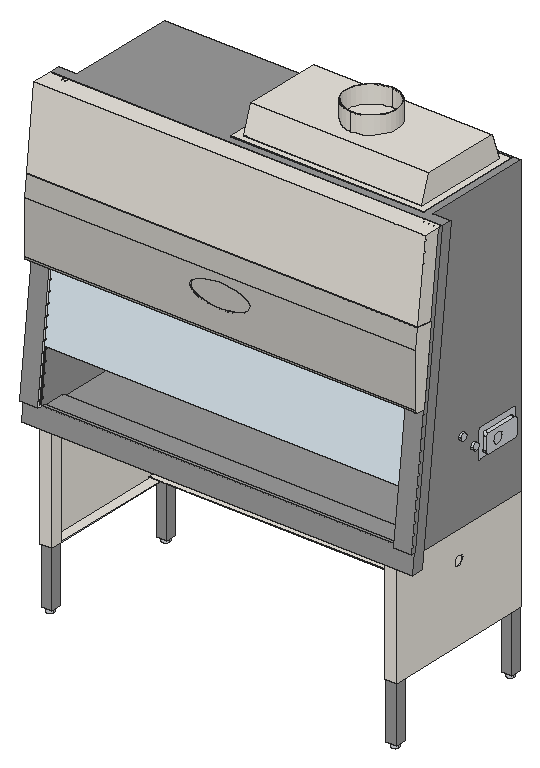
Revit family "NU-545_230V Class II Type A2 BSC", category Mechanical Equipment, Revit 2018
Family settings
  Round Connector Dimension = Use Diameter
  Part Type = Normal
  OmniClass Number = 23.75.00.00
  OmniClass Title = Climate Control (HVAC)
  Work Plane-Based = No
  Always vertical = Yes
  Cut with Voids When Loaded = No
  Shared = No
  Room Calculation Point = No
Parameters (values of type "NU-545-600(E)")
  window width = 5' - 11 7/8"
  transition width = 2' - 11 3/8"
  transition depth = 1' - 7 1/8"
  exhaust ring inner = 0' - 4 15/16"
  exhaust door width = 2' - 7 3/16"
  crossbar = 5' - 10.1415"
  Workzone Width = 5' - 10 3/8"
  Overall Width = 6' - 5 9/16"
  Model = "NU-545-600(E)"
  Manufacturer = "NuAire Inc."
  Exhaust Filter Width = 2' - 10 1/2"
  Exhaust Diameter = 0' - 10"
  Exhaust Center = 2' - 0"
  Description = "230V Class II, Type A2 Biological Safety Cabinet"
  Cabinet Width = 5' - 10 9/16"
  Cabinet Height = 4' - 10 7/8"
  Cabinet Depth = 2' - 7 3/64"
Types (5): name | window width | transition width | exhaust ring inner | exhaust door width | crossbar | Workzone Width | Overall Width | Model | Exhaust Filter Width | Exhaust Diameter | Exhaust Center | Cabinet Width | Cabinet Depth
  (no name) | 5' - 11 7/8" | 2' - 11 3/8" | 0' - 4 15/16" | 2' - 7 3/16" | 5' - 10.1415" | 5' - 10 3/8" | 6' - 5 9/16" | "NU-545-600(E)" | 2' - 10 1/2" | 0' - 10" | 2' - 0" | 5' - 10 9/16" | 2' - 7 3/64"
  NU-545-600(E) | 5' - 11 7/8" | 2' - 11 3/8" | 0' - 4 15/16" | 2' - 7 3/16" | 5' - 10.1415" | 5' - 10 3/8" | 6' - 5 9/16" | "NU-545-600(E)" | 2' - 10 1/2" | 0' - 10" | 2' - 0" | 5' - 10 9/16" | 2' - 7 3/64"
  NU-545-500(E) | 4' - 11 7/8" | 2' - 5 3/8" | 0' - 4 15/16" | 2' - 7 3/16" | 4' - 10 9/64" | 4' - 10 3/8" | 5' - 5 9/16" | "NU-545-500(E)" | 2' - 4 1/2" | 0' - 10" | 1' - 9" | 4' - 10 9/16" | 2' - 6"
  NU-545-400(E) | 3' - 11 3/8" | 1' - 9 3/8" | 0' - 4 15/16" | 1' - 7 3/16" | 3' - 10 9/64" | 3' - 10 3/8" | 4' - 5 9/16" | "NU-545-400(E)" | 1' - 8 1/2" | 0' - 10" | 1' - 5" | 3' - 10 9/16" | 2' - 7 7/16"
  NU-545-300(E) | 2' - 11 7/8" | 1' - 1 3/8" | 0' - 3 15/16" | 1' - 1 3/16" | 2' - 10 9/64" | 2' - 10 3/8" | 3' - 5 9/16" | "NU-545-300(E)" | 1' - 0 1/2" | 0' - 8" | 1' - 1" | 2' - 10 9/16" | 2' - 6"
Reference planes (in)
  plane 1 "Center (Front/Back)": y = 0
  plane 2: z = 0
  plane 3 "Center (Left/Right)": x = 0
  plane 4: x = -35.28125
  plane 5: x = 35.28125
  plane 6: y = -31.04688
  plane 7 "Cabinet Base": z = 32.5
  plane 8 "Cabinet Top": z = 91.375
  plane 9: x = -38.78125
  plane 10: x = 38.78125
  plane 11: z = 12
  plane 12: z = 36.5
  plane 13: z = 89.703
  plane 14: z = 0.75
  plane 15: z = 12.074
  plane 16: z = 12.25
  plane 17: z = 22.21875
  plane 18: x = -35.07075
  plane 19: x = 35.07075
  plane 20: x = -35.9375
  plane 21: x = 35.9375
  plane 22: z = 68.23219
  plane 23: x = 36.3125
  plane 24: x = 35.34375
  plane 25: z = 99.875
Forms (in)
  Extrusion 1, solid
    sketch origin (0, 0, 0) x (0, 1, 0) y (0, 0, 1)
      loop
        line (0, 32.5) -> (0, 91.375) -> (-23.81793, 91.375) -> (-31.04688, 32.5) -> (0, 32.5)
    from -38.78125 to 38.78125
  Extrusion 2, void
    sketch origin (0, 0, 0) x (0, 1, 0) y (0, 0, 1)
      loop
        line (-21.67698, 91.375) -> (-28.90592, 32.5) -> (0, 32.5) -> (0, 91.375) -> (-21.67698, 91.375)
    from -38.78125 to -35.28125
  Extrusion 3, void
    sketch origin (0, 0, 0) x (0, 1, 0) y (0, 0, 1)
      loop
        line (-21.67698, 91.375) -> (-28.90592, 32.5) -> (0, 32.5) -> (0, 91.375) -> (-21.67698, 91.375)
    from 35.28125 to 38.78125
  Extrusion 4, void
    sketch origin (0, 0, 0) x (0, 1, 0) y (0, 0, 1)
      loop
        line (-30.55574, 36.5) -> (-29.93074, 36.5) -> (-29.93074, 36.1875) -> (-25.30574, 36.1875) -> (-25.30574, 35.6875) -> (-4.18074, 35.6875) -> (-4.18074, 63.9375) -> (-27.18684, 63.9375) -> (-30.55574, 36.5)
    from -35.1875 to 35.1875
  Extrusion 5, void
    sketch origin (0, 0, 91.375) x (1, 0, 0) y (0, -1, 0)
      loop
        line (31.98425, 2.047) -> (31.98425, 20.547) -> (-2.51575, 20.547) -> (-2.51575, 2.047) -> (31.98425, 2.047)
    from 0 to 1.672
  Extrusion 6, solid
    sketch origin (0, -31.04688, 32.5) x (1, 0, 0) y (0, -1, 0)
      loop
        line (35.28125, -31.04687) -> (35.28125, -0.29687) -> (32.96225, -0.29687) -> (32.96225, -2.54287) -> (35.13325, -2.54287) -> (35.13325, -28.80087) -> (32.96225, -28.80087) -> (32.96225, -31.04687) -> (35.28125, -31.04687)
      loop
        line (-35.28125, -31.04687) -> (-32.96225, -31.04687) -> (-32.96225, -28.80087) -> (-35.13325, -28.80087) -> (-35.13325, -2.54287) -> (-32.96225, -2.54287) -> (-32.96225, -0.29687) -> (-35.28125, -0.29687) -> (-35.28125, -31.04687)
    from 0 to 20.5
  Extrusion 7, solid
    sketch origin (0, -31.04688, 12) x (0, 1, 0) y (1, 0, 0)
      loop
        line (0.42187, -35.15625) -> (2.42187, -35.15625) -> (2.42187, -33.15625) -> (0.42187, -33.15625) -> (0.42187, -35.15625)
      loop
        line (0.42362, 35.15625) -> (0.42362, 33.15625) -> (2.42362, 33.15625) -> (2.42362, 35.15625) -> (0.42362, 35.15625)
      loop
        line (30.92187, 35.15625) -> (28.92187, 35.15625) -> (28.92187, 33.15625) -> (30.92187, 33.15625) -> (30.92187, 35.15625)
      loop
        line (28.92187, -35.15625) -> (30.92187, -35.15625) -> (30.92187, -33.15625) -> (28.92187, -33.15625) -> (28.92187, -35.15625)
    from 0 to 11.25
  Extrusion 8, solid
    sketch origin (0, -31.04688, 0.75) x (-1, 0, 0) y (0, 1, 0)
      loop
        circle (34.15625, 1.40689) r 0.75
      loop
        circle (-34.15625, 1.42362) r 0.75
      loop
        circle (-34.15625, 29.92187) r 0.75
      loop
        circle (34.15625, 29.92187) r 0.75
    from 0 to 0.75
  Extrusion 9, void
    sketch origin (0, 0, 0) x (0, 1, 0) y (0, 0, 1)
      loop
        circle (-15.375, 27) r 1
    from -35.28125 to 35.28125
  Extrusion 10, solid
    sketch origin (0, -31.04688, 12) x (0, 1, 0) y (1, 0, 0)
      loop
        line (2.54287, 35.13325) -> (2.54287, 32.96225) -> (28.80087, 32.96225) -> (28.80087, 35.13325) -> (2.54287, 35.13325)
      loop
        line (28.80087, -32.96225) -> (2.54287, -32.96225) -> (2.54287, -35.13325) -> (28.80087, -35.13325) -> (28.80087, -32.96225)
    from 0 to -0.074
  Extrusion 11, solid
    sketch origin (0, 0, 0) x (0, 1, 0) y (0, 0, 1)
      loop
        line (-4.246, 22.21875) -> (-4.246, 22.09375) -> (-2.3085, 22.09375) -> (-2.3085, 12.375) -> (-4.246, 12.375) -> (-4.246, 12.25) -> (-2.246, 12.25) -> (-2.246, 22.21875) -> (-4.246, 22.21875)
    from -35.07075 to 35.07075
  Extrusion 12, solid
    sketch origin (0, 0, 0) x (0, 1, 0) y (0, 0, 1)
      loop
        line (-30.58388, 36.27075) -> (-23.81793, 91.375) -> (-24.63905, 91.375) -> (-31.39281, 36.37008) -> (-30.58388, 36.27075)
    from 35.28125 to 38.78125
  Extrusion 13, solid
    sketch origin (-38.78125, 0, 0) x (0, -1, 0) y (0, 0, 1)
      loop
        line (23.81793, 91.375) -> (30.58388, 36.27075) -> (31.39281, 36.37008) -> (24.63905, 91.375) -> (23.81793, 91.375)
    from 0 to -3.5
  Extrusion 14, void
    sketch origin (0, 0.01127, -0.00138) x (0, 1, 0) y (0, 0, 1)
      loop
        line (-30.67749, 36.53412) -> (-23.9437, 91.37638) -> (-24.37407, 91.37638) -> (-31.10146, 36.58618) -> (-30.67749, 36.53412)
    from -35.9375 to 35.9375
  Extrusion 15, solid
    sketch origin (0, 0, 0) x (0, 1, 0) y (0, 0, 1)
      loop
        line (-29.44752, 46.4582) -> (-25.89029, 75.3651) -> (-26.07639, 75.388) -> (-29.63362, 46.48105) -> (-29.44752, 46.4582)
    from -35.9375 to 35.9375
  Extrusion 16, solid
    sketch origin (0, 0, 0) x (0, 1, 0) y (0, 0, 1)
      loop
        line (-24.63905, 91.375) -> (-23.81793, 91.375) -> (-23.81793, 91.4375) -> (-27.90579, 91.4375) -> (-29.79189, 76.07644) -> (-26.56611, 75.68036) -> (-24.63905, 91.375)
      loop
        line (-26.58135, 75.5563) -> (-29.80712, 75.95237) -> (-30.2946, 71.98219) -> (-30.2946, 61.39724)
        arc (-30.2946, 61.39724) -> (-30.15339, 61.02451) -> (-29.80065, 60.83893) r 0.5625
        line (-29.80065, 60.83893) -> (-28.40939, 60.6681) -> (-26.58135, 75.5563)
    from -38.78125 to 38.78125
  Extrusion 17, void
    sketch origin (0, -30.2946, 71.98219) x (0, 0, 1) y (1, 0, 0)
      loop
        spline (-3.71919, -5.96875) -> (-3.10786, -5.76537) -> (-2.53819, -5.16909) -> (-2.049, -4.22054) -> (-1.67363, -2.98438) -> (-1.43767, -1.54483) -> (-1.35719, 0) -> (-1.43767, 1.54483) -> (-1.67363, 2.98437) -> (-2.049, 4.22054) -> (-2.53819, 5.16909) -> (-3.10786, 5.76537) -> (-3.71919, 5.96875)
        spline (-3.71919, 5.96875) -> (-4.33052, 5.76537) -> (-4.90019, 5.16909) -> (-5.38937, 4.22054) -> (-5.76474, 2.98437) -> (-6.0007, 1.54483) -> (-6.08119, 0) -> (-6.0007, -1.54483) -> (-5.76474, -2.98438) -> (-5.38937, -4.22054) -> (-4.90019, -5.16909) -> (-4.33052, -5.76537) -> (-3.71919, -5.96875)
    from 0 to 0.07687
  Extrusion 18, void
    sketch origin (0, 0, 0) x (0, 1, 0) y (0, 0, 1)
      loop
        circle (-11.846, 45.958) r 0.5
      loop
        circle (-14.842, 48.958) r 0.5
    from -35.28125 to 35.28125
  Extrusion 19, solid
    sketch origin (-0.214, 0, 0) x (0, 1, 0) y (0, 0, 1)
      loop
        arc (-10.1875, 48.25) -> (-10.36428, 48.17678) -> (-10.4375, 48) r 0.25
        line (-10.4375, 48) -> (-10.4375, 43)
        arc (-10.4375, 43) -> (-10.36428, 42.82322) -> (-10.1875, 42.75) r 0.25
        line (-10.1875, 42.75) -> (-1.6875, 42.75)
        arc (-1.6875, 42.75) -> (-1.51072, 42.82322) -> (-1.4375, 43) r 0.25
        line (-1.4375, 43) -> (-1.4375, 48)
        arc (-1.4375, 48) -> (-1.51072, 48.17678) -> (-1.6875, 48.25) r 0.25
        line (-1.6875, 48.25) -> (-10.1875, 48.25)
      loop
        arc (-9.0625, 47.375) -> (-9.41605, 47.22855) -> (-9.5625, 46.875) r 0.5
        line (-9.5625, 46.875) -> (-9.5625, 44.125)
        arc (-9.5625, 44.125) -> (-9.41605, 43.77145) -> (-9.0625, 43.625) r 0.5
        line (-9.0625, 43.625) -> (-2.8125, 43.625)
        arc (-2.8125, 43.625) -> (-2.45895, 43.77145) -> (-2.3125, 44.125) r 0.5
        line (-2.3125, 44.125) -> (-2.3125, 46.875)
        arc (-2.3125, 46.875) -> (-2.45895, 47.22855) -> (-2.8125, 47.375) r 0.5
        line (-2.8125, 47.375) -> (-9.0625, 47.375)
    from 35.49525 to 35.55775
  Extrusion 20, solid
    sketch origin (35.28125, 0, 0) x (0, 1, 0) y (0, 0, 1)
      loop
        arc (-9.0625, 47.375) -> (-9.41605, 47.22855) -> (-9.5625, 46.875) r 0.5
        line (-9.5625, 46.875) -> (-9.5625, 44.125)
        arc (-9.5625, 44.125) -> (-9.41605, 43.77145) -> (-9.0625, 43.625) r 0.5
        line (-9.0625, 43.625) -> (-2.8125, 43.625)
        arc (-2.8125, 43.625) -> (-2.45895, 43.77145) -> (-2.3125, 44.125) r 0.5
        line (-2.3125, 44.125) -> (-2.3125, 46.875)
        arc (-2.3125, 46.875) -> (-2.45895, 47.22855) -> (-2.8125, 47.375) r 0.5
        line (-2.8125, 47.375) -> (-9.0625, 47.375)
    from 0 to 1.03125
  Extrusion 21, void
    sketch origin (0, 0, 0) x (0, 1, 0) y (0, 0, 1)
      loop
        circle (-6.9375, 45.5) r 1.12448
    from 36.20767 to 36.3125
  Extrusion 22, solid
    sketch origin (1.48425, -3.8441, 96.375) x (0, -1, 0) y (1, 0, 0)
      loop
        circle (7.4684, 13.297) r 5
      loop
        circle (7.4684, 13.297) r 4.9375
    from 0 to 3.5
  Extrusion 23, solid
    sketch origin (0, 0, 91.375) x (0, -1, 0) y (1, 0, 0)
      loop
        line (1.7345, -2.95325) -> (20.8595, -2.95325) -> (20.8595, 32.42175) -> (1.7345, 32.42175) -> (1.7345, -2.95325)
      loop
        line (0.3595, -4.32825) -> (22.2345, -4.32825) -> (22.2345, 33.79675) -> (0.3595, 33.79675) -> (0.3595, -4.32825)
    from 0 to 0.0625
  Extrusion 24, solid
    sketch origin (0, 0, 0) x (0, 1, 0) y (0, 0, 1)
      loop
        line (-20.8595, 91.375) -> (-1.7345, 91.375) -> (-1.7345, 91.4375) -> (-3.5316, 96.375) -> (-19.0624, 96.375) -> (-20.8595, 91.4375) -> (-20.8595, 91.375)
    from -2.95325 to 32.42175
  Extrusion 25, solid
    sketch origin (0, -21.67698, 91.375) x (0, -0.121869, -0.992546) y (-1, 0, 0)
      loop
        circle (57.52663, 36.96723) r 0.5
    from 0 to 0.0987
  Extrusion 26, solid
    sketch origin (0, 0, 0) x (0, 1, 0) y (0, 0, 1)
      loop
        circle (-11.846, 45.958) r 0.625
      loop
        circle (-14.846, 48.954) r 0.625
    from 35.28125 to 35.9375
  Extrusion 27, solid
    sketch origin (-35.28125, 0, 0) x (0, -1, 0) y (0, 0, 1)
      loop
        circle (14.84766, 48.954) r 0.625
      loop
        circle (11.846, 45.95312) r 0.625
    from 0 to 0.65625
Cuts and joins
  Extrusion 2, Extrusion 3, Extrusion 4, Extrusion 5, Extrusion 17, Extrusion 18 cuts Extrusion 1
  Extrusion 9 cuts Extrusion 6
  Extrusion 14, Extrusion 18 cuts Extrusion 13
  Extrusion 14 cuts Extrusion 12
  Extrusion 17 cuts Extrusion 15
  Extrusion 17 cuts Extrusion 16
  Extrusion 21 cuts Extrusion 20
  joined: Extrusion 19, Extrusion 20
Dimensions and locks (in)
  equal spacing: plane 4, plane 3 "Center (Left/Right)", plane 5
  "Cabinet Width": plane 4 to plane 5
  "Cabinet Depth": plane 1 "Center (Front/Back)" to plane 6
  "Cabinet Height": plane 8 "Cabinet Top" to plane 7 "Cabinet Base"
  equal spacing: plane 10, plane 3 "Center (Left/Right)", plane 9
  "Overall Width": plane 10 to plane 9
  plane 7 "Cabinet Base" to Extrusion 1 = 4' - 10 7/8"
  locked: Extrusion 2 sketch curve to Extrusion 1 at 2.125
  Extrusion 2 to plane 7 "Cabinet Base" = 4' - 10 7/8"
  locked: cut or joined group of Extrusion 1, Extrusion 2, Extrusion 3, Extrusion 4, Extrusion 5, Extrusion 17, Extrusion 18 to Extrusion 3 sketch curve at 2.125
  Extrusion 3 to plane 7 "Cabinet Base" = 4' - 10 7/8"
  plane 7 "Cabinet Base" to level = 2' - 8 1/2"
  equal spacing: cut or joined group of Extrusion 1, Extrusion 2, Extrusion 3, Extrusion 4, Extrusion 5, Extrusion 17, Extrusion 18, plane 3 "Center (Left/Right)", cut or joined group of Extrusion 1, Extrusion 2, Extrusion 3, Extrusion 4, Extrusion 5, Extrusion 17, Extrusion 18
  "Workzone Width": cut or joined group of Extrusion 1, Extrusion 2, Extrusion 3, Extrusion 4, Extrusion 5, Extrusion 17, Extrusion 18 to cut or joined group of Extrusion 1, Extrusion 2, Extrusion 3, Extrusion 4, Extrusion 5, Extrusion 17, Extrusion 18
  locked: Extrusion 5 sketch curve to plane 5 at 3.297
  "Exhaust Filter Width": Extrusion 5 sketch curve to Extrusion 5 sketch curve
  locked: Extrusion 5 sketch curve to plane 1 "Center (Front/Back)" at 2.047
  Extrusion 5 sketch curve to Extrusion 5 sketch curve = 1' - 6 1/2"
  locked: Extrusion 6 to Extrusion 7 sketch curve at 0.125
  locked: Extrusion 7 sketch curve to Extrusion 6 at 0.125  (x4)
  Extrusion 7 sketch curve to Extrusion 7 sketch curve = 0' - 2"  (x8)
  Extrusion 6 to Extrusion 7 sketch curve = 0' - 0 1/8"  (x2)
  Extrusion 6 to Extrusion 7 sketch curve = 0' - 0.12674"
  Extrusion 8 sketch curve to Extrusion 7 = 0' - 1"  (x2)
  Extrusion 7 to Extrusion 8 sketch curve = 0' - 0.98502"
  Extrusion 7 to Extrusion 8 sketch curve = 0' - 1"  (x5)
  Extrusion 6 to Extrusion 9 sketch curve = 0' - 5 1/2"
  Extrusion 6 to Extrusion 9 sketch curve = 1' - 3 3/8"
  equal spacing: plane 19, plane 3 "Center (Left/Right)", plane 18
  "crossbar": plane 19 to plane 18
  cut or joined group of Extrusion 1, Extrusion 2, Extrusion 3, Extrusion 4, Extrusion 5, Extrusion 17, Extrusion 18 to Extrusion 12 sketch curve = 0' - 0.815"
  Extrusion 13 to Extrusion 14 sketch curve = 0' - 0.11365"
  Extrusion 14 sketch curve to Extrusion 14 sketch curve = 0' - 0.42716"
  Extrusion 13 to Extrusion 14 sketch curve = 0' - 0 1/4"
  equal spacing: plane 21, plane 3 "Center (Left/Right)", plane 20
  "window width": plane 21 to plane 20
  cut or joined group of Extrusion 13, Extrusion 14, Extrusion 18 to Extrusion 15 sketch curve to Extrusion 15 sketch curve = 0' - 10", 2' - 5 1/8" locked
  equal spacing: Extrusion 15, plane 3 "Center (Left/Right)", Extrusion 15
  "window width": Extrusion 15 to Extrusion 15
  locked: Extrusion 16 sketch curve to Extrusion 16 sketch curve at 15
  locked: Extrusion 16 sketch curve to Extrusion 16 sketch curve at 4
  Extrusion 16 sketch curve to Extrusion 16 sketch curve = 2' - 6 15/16"
  equal spacing: Extrusion 16, plane 3 "Center (Left/Right)", Extrusion 16
  "Overall Width": Extrusion 16 to Extrusion 16
  equal spacing: plane 10, Extrusion 17 sketch curve, plane 9
  Extrusion 18 sketch curve to cut or joined group of Extrusion 1, Extrusion 2, Extrusion 3, Extrusion 4, Extrusion 5, Extrusion 17, Extrusion 18 = 1' - 2.842"
  Extrusion 18 sketch curve to cut or joined group of Extrusion 6, Extrusion 9 = 1' - 1.458"
  Extrusion 18 sketch curve to cut or joined group of Extrusion 6, Extrusion 9 = 1' - 4.458"
  Extrusion 19 sketch curve to cut or joined group of Extrusion 1, Extrusion 2, Extrusion 3, Extrusion 4, Extrusion 5, Extrusion 17, Extrusion 18 = 0' - 1 7/16"
  Extrusion 19 sketch curve to Extrusion 19 sketch curve = 0' - 9"
  Extrusion 19 sketch curve to cut or joined group of Extrusion 6, Extrusion 9 = 0' - 10 1/4"
  Extrusion 19 sketch curve to Extrusion 19 sketch curve = 0' - 5 1/2"
  Extrusion 19 sketch curve to Extrusion 19 sketch curve = 0' - 3 3/4"
  Extrusion 19 sketch curve to Extrusion 19 sketch curve = 0' - 7 1/4"
  Extrusion 19 sketch curve to Extrusion 19 sketch curve = 0' - 0 7/8"
  plane 10 to plane 23 to cut or joined group of Extrusion 1, Extrusion 2, Extrusion 3, Extrusion 4, Extrusion 5, Extrusion 17, Extrusion 18 = 0' - 2 15/32" locked, 0' - 1 1/32" locked
  Extrusion 21 sketch curve to cut or joined group of Extrusion 6, Extrusion 9 = 1' - 1"
  Extrusion 21 sketch curve to cut or joined group of Extrusion 1, Extrusion 2, Extrusion 3, Extrusion 4, Extrusion 5, Extrusion 17, Extrusion 18 = 0' - 6 15/16"
  plane 23 to plane 24 to cut or joined group of Extrusion 19, Extrusion 20, Extrusion 21 = 0' - 0 31/32" locked, 0' - 0 1/16" locked
  locked: cut or joined group of Extrusion 19, Extrusion 20, Extrusion 21 to cut or joined group of Extrusion 19, Extrusion 20, Extrusion 21 at 0.10483
  locked: cut or joined group of Extrusion 1, Extrusion 2, Extrusion 3, Extrusion 4, Extrusion 5, Extrusion 17, Extrusion 18 to plane 23 at 1.03125
  "Exhaust Center": Extrusion 22 sketch curve to cut or joined group of Extrusion 1, Extrusion 2, Extrusion 3, Extrusion 4, Extrusion 5, Extrusion 17, Extrusion 18
  cut or joined group of Extrusion 1, Extrusion 2, Extrusion 3, Extrusion 4, Extrusion 5, Extrusion 17, Extrusion 18 to Extrusion 22 sketch curve = 0' - 11 5/16"
  "transition width": Extrusion 23 sketch curve to Extrusion 23 sketch curve
  "transition depth": Extrusion 23 sketch curve to Extrusion 23 sketch curve
  locked: Extrusion 23 sketch curve to cut or joined group of Extrusion 1, Extrusion 2, Extrusion 3, Extrusion 4, Extrusion 5, Extrusion 17, Extrusion 18 at 0.3125
  cut or joined group of Extrusion 1, Extrusion 2, Extrusion 3, Extrusion 4, Extrusion 5, Extrusion 17, Extrusion 18 to Extrusion 23 sketch curve = 0' - 0 7/16"
  locked: Extrusion 23 sketch curve to cut or joined group of Extrusion 1, Extrusion 2, Extrusion 3, Extrusion 4, Extrusion 5, Extrusion 17, Extrusion 18 at 0.4375
  locked: Extrusion 23 sketch curve to Extrusion 23 sketch curve at 1.375  (x3)
  locked: Extrusion 23 sketch curve to Extrusion 23 sketch curve at 21.875
  Extrusion 25 sketch curve to cut or joined group of Extrusion 1, Extrusion 2, Extrusion 3, Extrusion 4, Extrusion 5, Extrusion 17, Extrusion 18 = 0' - 1.79051"
  cut or joined group of Extrusion 1, Extrusion 2, Extrusion 3, Extrusion 4, Extrusion 5, Extrusion 17, Extrusion 18 to Extrusion 25 sketch curve = 0' - 1.81402"
  Extrusion 18 sketch curve to cut or joined group of Extrusion 1, Extrusion 2, Extrusion 3, Extrusion 4, Extrusion 5, Extrusion 17, Extrusion 18 = 0' - 11.846"
  Extrusion 26 sketch curve to cut or joined group of Extrusion 6, Extrusion 9 = 1' - 1.458"
  Extrusion 26 sketch curve to cut or joined group of Extrusion 6, Extrusion 9 = 1' - 4.454"
  Extrusion 26 sketch curve to cut or joined group of Extrusion 1, Extrusion 2, Extrusion 3, Extrusion 4, Extrusion 5, Extrusion 17, Extrusion 18 = 0' - 11.846"
  Extrusion 26 sketch curve to cut or joined group of Extrusion 1, Extrusion 2, Extrusion 3, Extrusion 4, Extrusion 5, Extrusion 17, Extrusion 18 = 1' - 2.846"
  Extrusion 27 sketch curve to cut or joined group of Extrusion 6, Extrusion 9 = 1' - 1 29/64"
  Extrusion 27 sketch curve to cut or joined group of Extrusion 6, Extrusion 9 = 1' - 4.454"
  cut or joined group of Extrusion 1, Extrusion 2, Extrusion 3, Extrusion 4, Extrusion 5, Extrusion 17, Extrusion 18 to Extrusion 27 sketch curve = 0' - 11.846"
  cut or joined group of Extrusion 1, Extrusion 2, Extrusion 3, Extrusion 4, Extrusion 5, Extrusion 17, Extrusion 18 to Extrusion 27 sketch curve = 1' - 2 217/256"
  "Exhaust Diameter": diameter of Extrusion 22 sketch curve
  "exhaust ring inner": radius of Extrusion 22 sketch curve
  locked: plane 6 to Extrusion 1 sketch curve (angle 7.00°)
  aligned and locked: level to plane 2
  aligned and locked: plane 1 "Center (Front/Back)" to Extrusion 1 sketch curve
  aligned and locked: plane 8 "Cabinet Top" to Extrusion 1 sketch curve
  aligned and locked: plane 7 "Cabinet Base" to Extrusion 1 sketch curve
  aligned and locked: Extrusion 1 to plane 9
  aligned and locked: Extrusion 1 to plane 10
  aligned and locked: Extrusion 2 sketch curve to Extrusion 1  (x3)
  aligned and locked: Extrusion 2 to plane 9
  aligned and locked: plane 4 to Extrusion 2
  aligned and locked: cut or joined group of Extrusion 1, Extrusion 2, Extrusion 3, Extrusion 4, Extrusion 5, Extrusion 17, Extrusion 18 to Extrusion 3 sketch curve  (x2)
  aligned and locked: Extrusion 3 sketch curve to cut or joined group of Extrusion 1, Extrusion 2, Extrusion 3, Extrusion 4, Extrusion 5, Extrusion 17, Extrusion 18
  aligned and locked: Extrusion 3 to plane 10
  aligned and locked: Extrusion 3 to plane 5
  aligned and locked: Extrusion 5 to plane 13
  aligned and locked: Extrusion 6 to plane 11
  aligned and locked: Extrusion 6 to plane 7 "Cabinet Base"
  aligned and locked: plane 14 to Extrusion 7
  aligned and locked: Extrusion 8 to level
  aligned and locked: plane 5 to Extrusion 9
  aligned and locked: Extrusion 9 to plane 4
  aligned and locked: Extrusion 10 sketch curve to cut or joined group of Extrusion 6, Extrusion 9  (x8)
  aligned and locked: plane 15 to Extrusion 10
  aligned and locked: Extrusion 11 to plane 18
  aligned and locked: plane 19 to Extrusion 11
  aligned and locked: plane 8 "Cabinet Top" to Extrusion 12 sketch curve
  aligned and locked: Extrusion 12 to plane 10
  aligned and locked: Extrusion 12 to plane 5
  aligned and locked: plane 8 "Cabinet Top" to Extrusion 13 sketch curve
  aligned and locked: cut or joined group of Extrusion 1, Extrusion 2, Extrusion 3, Extrusion 4, Extrusion 5, Extrusion 17, Extrusion 18 to Extrusion 13 sketch curve
  aligned and locked: Extrusion 13 sketch curve to Extrusion 12  (x2)
  aligned and locked: plane 4 to Extrusion 13
  aligned and locked: Extrusion 14 to plane 20
  aligned and locked: Extrusion 14 to plane 21
  aligned and locked: Extrusion 14 to plane 8 "Cabinet Top"
  aligned and locked: plane 5 to Extrusion 18
  aligned and locked: Extrusion 18 to plane 4
  aligned and locked: Extrusion 19 to plane 5
  aligned and locked: Extrusion 19 to Extrusion 20 sketch curve  (x4)
  aligned and locked: Extrusion 20 to plane 23
  aligned and locked: Extrusion 21 to plane 23
  aligned and locked: Extrusion 20 to plane 5
  aligned and locked: Extrusion 19 to plane 24
  aligned and locked: Extrusion 22 to plane 25
  aligned and locked: cut or joined group of Extrusion 16, Extrusion 17 to Extrusion 23
  aligned and locked: Extrusion 24 sketch curve to Extrusion 23  (x3)
  aligned and locked: Extrusion 24 to Extrusion 23  (x2)
  aligned and locked: Extrusion 22 to Extrusion 24
  aligned and locked: Extrusion 26 to plane 5
  aligned and locked: Extrusion 27 to plane 20
  aligned and locked: plane 21 to Extrusion 26
Automatic sketch dimensions
  Extrusion 1 sketch curve to plane 6 = 0' - 0"
  plane 12 to Extrusion 4 sketch curve = 0' - 0"
  plane 6 to Extrusion 4 sketch curve = 0' - 0.49114"
  plane 12 to Extrusion 4 sketch curve = 0' - 0 5/16"
  Extrusion 4 sketch curve to Extrusion 4 sketch curve = 0' - 0 5/8"
  plane 6 to Extrusion 4 sketch curve = 0' - 3.86004"
  plane 12 to Extrusion 4 sketch curve = 0' - 0 13/16"
  Extrusion 4 sketch curve to Extrusion 4 sketch curve = 0' - 4 5/8"
  plane 1 "Center (Front/Back)" to Extrusion 4 sketch curve = 0' - 4.18074"
  Extrusion 4 sketch curve to plane 13 = 2' - 1.7655"
  Extrusion 1 to Extrusion 6 sketch curve = 0' - 0"  (x2)
  Extrusion 6 sketch curve to Extrusion 1 = 0' - 3 1/2"
  Extrusion 6 sketch curve to Extrusion 6 sketch curve = 0' - 0.148"  (x2)
  Extrusion 6 sketch curve to Extrusion 6 sketch curve = 0' - 2.171"  (x3)
  Extrusion 1 to Extrusion 6 sketch curve = 0' - 2.246"  (x2)
  Extrusion 6 sketch curve to Extrusion 1 = 0' - 5.819"  (x2)
  Extrusion 6 sketch curve to Extrusion 1 = 0' - 0 19/64"  (x2)
  Extrusion 6 sketch curve to Extrusion 6 sketch curve = 0' - 2.246"  (x2)
  Extrusion 11 sketch curve to plane 17 = 0' - 0"
  Extrusion 11 sketch curve to plane 16 = 0' - 0"
  plane 1 "Center (Front/Back)" to Extrusion 11 sketch curve = 0' - 4.246"  (x2)
  plane 16 to Extrusion 11 sketch curve = 0' - 0 1/8"
  Extrusion 11 sketch curve to Extrusion 11 sketch curve = 0' - 1 15/16"
  Extrusion 11 sketch curve to Extrusion 11 sketch curve = 0' - 0 1/16"
  Extrusion 11 sketch curve to Extrusion 11 sketch curve = 0' - 0 1/8"
  plane 6 to Extrusion 12 sketch curve = 0' - 0.46299"
  Extrusion 12 sketch curve to plane 6 = 0' - 0.34593"
  plane 8 "Cabinet Top" to Extrusion 14 sketch curve = 0' - 0"
  Extrusion 15 sketch curve to Extrusion 15 sketch curve = 0' - 0.1861"
  plane 6 to Extrusion 15 sketch curve = 0' - 1.41325"
  plane 6 to Extrusion 15 sketch curve = 0' - 4.97049"
  level to Extrusion 15 sketch curve = 6' - 3.3651"
  plane 8 "Cabinet Top" to Extrusion 16 sketch curve = 0' - 0"
  Extrusion 16 sketch curve to Extrusion 16 sketch curve = 0' - 0.01523"  (x2)
  Extrusion 16 sketch curve to Extrusion 16 sketch curve = 0' - 1.39126"
  Extrusion 16 sketch curve to plane 8 "Cabinet Top" = 0' - 0 1/16"
  Extrusion 16 sketch curve to Extrusion 16 sketch curve = 0' - 0.82112"
  Extrusion 16 sketch curve to Extrusion 16 sketch curve = 0' - 0.12407"
  plane 6 to Extrusion 16 sketch curve = 0' - 0.75228"
  plane 6 to Extrusion 16 sketch curve = 0' - 1.23975"
  Extrusion 16 sketch curve to Extrusion 16 sketch curve = 0' - 0.49395"
  plane 6 to Extrusion 16 sketch curve = 0' - 3.14109"
  Extrusion 17 sketch curve to Extrusion 16 = 0' - 3.71919"
  Extrusion 17 sketch curve to Extrusion 17 sketch curve = 0' - 5 31/32"
  Extrusion 19 sketch curve to Extrusion 19 sketch curve = 0' - 0 1/4"  (x4)
  Extrusion 19 sketch curve to Extrusion 19 sketch curve = 0' - 0 5/8"
  Extrusion 19 sketch curve to Extrusion 19 sketch curve = 0' - 0 1/2"  (x4)
  Extrusion 20 sketch curve to Extrusion 20 sketch curve = 0' - 0 1/2"  (x4)
  Extrusion 24 sketch curve to plane 25 = 0' - 3 1/2"
  Extrusion 24 sketch curve to Extrusion 24 sketch curve = 0' - 1.7971"
  plane 1 "Center (Front/Back)" to Extrusion 24 sketch curve = 0' - 3.5316"
  Extrusion 24 sketch curve to plane 8 "Cabinet Top" = 0' - 0 1/16"  (x2)
  Extrusion 22 sketch curve to Extrusion 22 sketch curve = 0' - 0"  (x2)
  radius of Extrusion 8 sketch curve = 0' - 0 3/4"  (x4)
  radius of Extrusion 9 sketch curve = 0' - 1"
  radius of Extrusion 18 sketch curve = 0' - 0 1/2"  (x2)
  radius of Extrusion 21 sketch curve = 0' - 1.12448"
  radius of Extrusion 25 sketch curve = 0' - 0 1/2"
  radius of Extrusion 26 sketch curve = 0' - 0 5/8"  (x2)
  radius of Extrusion 27 sketch curve = 0' - 0 5/8"  (x2)
Connectors (in)
  hvac at (14.78125, -11.3125, 99.875), driven by "Exhaust Diameter"
    settings: on Extrusion 22, index 1, duct flow 0 CFM, flow factor 0, pres drop 0.00 in-wg, loss coef 0, conn angle 0.00°, conn width 12", conn height 12", conn diameter 10", duct sys type 3, conn prof type 0, flow config 0, flow direction 2, loss method 0, conn ref index -1, conn util no, is conn primary yes, conn desc ""
  piping at (35.9375, -11.846, 45.958), diameter 0.875
    settings: on Extrusion 26, index 2, connector inside diameter 24", connector length 0' - 0", flow factor 0, pipe flow 0 GPM, pressure drop 0.00 psi, fitting loss kfactor 0, connector angle 0.00°, fixture units 0, engagement length 0' - 0", angle of deflection 0.00°, flow configuration 0, flow direction 1, fitting loss method 0, system type 28, joint type 0, gender type 0, connector reference index -1, connector utility 0, adjustable connector no, is connector primary yes, connector description ""
  piping at (35.9375, -14.846, 48.954), diameter 0.875
    settings: on Extrusion 26, index 3, connector inside diameter 24", connector length 0' - 0", flow factor 0, pipe flow 0 GPM, pressure drop 0.00 psi, fitting loss kfactor 0, connector angle 0.00°, fixture units 0, engagement length 0' - 0", angle of deflection 0.00°, flow configuration 0, flow direction 0, fitting loss method 0, system type 28, joint type 0, gender type 0, connector reference index -1, connector utility 0, adjustable connector no, is connector primary no, connector description ""
  electrical at (-36.96723, -28.58974, 34.26514)
    settings: on Extrusion 25, index 4, voltage 230 V, apparent load 0 VA, apparent load phase1 0 VA, apparent load phase2 0 VA, apparent load phase3 0 VA, power factor 1, load classification "Power", number of poles 2, system type 31, power factor state 1, is connector primary yes, connector utility yes, sub classification motor no, connector description ""
